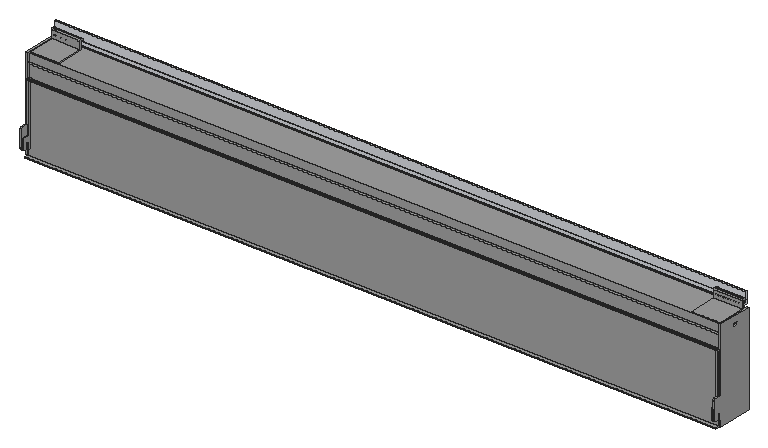
Revit family "Alcon-15233-2-4-Revit-Family", category Lighting Fixtures, host Ceiling, Revit 2021
Family settings
  Host = Ceiling
  Round Connector Dimension = Use Diameter
  Part Type = Normal
  Always vertical = Yes
  Cut with Voids When Loaded = No
  Light Source = Yes
  Shared = No
  Room Calculation Point = No
Parameters (values of type "15233-2 - 4FT")
  Wattage = 9.2903 W
  built-in parameter 1150110 = 1 (stored number, unit not read)
  built-in parameter 1114217 = 1 (stored number, unit not read)
  built-in parameter 1150109 = 1 (stored number, unit not read)
  built-in parameter 1150134 = 3
  built-in parameter 1150113 = 1 (stored number, unit not read)
  Reflector = Reflector
  Product Identity = "Alcon Lighting 15233-2-4"
  Manufacturer = "Alcon Light"
  built-in parameter 1150105 = 439.27 (stored number, unit not read)
  Lumens = 1380 lm
  built-in parameter 1150115 = 1 (stored number, unit not read)
  Link To Product Page = "https://www.alconlighting.com/15233-4-perimeter-led-cove-light-fixture.html"
  Light Source Symbol Size = 2' - 0"
  built-in parameter 1150137 = (empty or 0)
  built-in parameter 1150139 = (empty or 0)
  Length = 4' - 0"
  Led Source = Led Source
  built-in parameter 1150112 = 1 (stored number, unit not read)
  built-in parameter 1150114 = 1 (stored number, unit not read)
  built-in parameter 1150132 = (empty or 0)
  built-in parameter 1150102 = (empty or 0)
  built-in parameter 1150107 = 3200 (stored number, unit not read)
  built-in parameter 1150138 = (empty or 0)
  built-in parameter 1150106 = 4.3927 (stored number, unit not read)
  Housing = Default
  Lens = Lens
  Emit from Line Length = 4' - 0"
  built-in parameter 1150104 = 13.8 (stored number, unit not read)
  Dimming Lamp Color Temperature Shift = <None>
  Default Elevation = 0' - 0"
  Color Filter = 16777215
  built-in parameter 1114218 = 1 (stored number, unit not read)
  built-in parameter 1150133 = 10 (stored number, unit not read)
Types (4): name | Product Identity | Link To Product Page | Length | Emit from Line Length
  15233-2 - 8FT | "Alcon Lighting 15233-2" | "https://www.alconlighting.com/15233-2-perimeter-led-cove-light-fixture.html" | 8' - 0" | 8' - 0"
  15233-2 - 4FT | "Alcon Lighting 15233-2-4" | "https://www.alconlighting.com/15233-4-perimeter-led-cove-light-fixture.html" | 4' - 0" | 4' - 0"
  15233-2 - 3FT | "Alcon Lighting 15233-2" | "https://www.alconlighting.com/15233-2-perimeter-led-cove-light-fixture.html" | 3' - 0" | 3' - 0"
  15233-2 - 2FT | "Alcon Lighting 15233-2" | "https://www.alconlighting.com/15233-2-perimeter-led-cove-light-fixture.html" | 2' - 0" | 2' - 0"
Reference planes (in)
  plane 1 "Center (Front/Back)": y = 0
  plane 2: z = 0
  plane 3 "Center (Left/Right)": x = 0
  plane 4 "Ceiling": z = 157.48031
Forms (in)
  Extrusion 1, solid, material "Default" <- "Housing"
    sketch origin (0, 0, 322.42063) x (0, -1, 0) y (0, 0, -1)
      loop
        line (-1.10507, 160.94031) -> (-1.17, 160.94031) -> (-1.17, 160.25987)
        arc (-1.17, 160.25987) -> (-1.1514, 160.22514) -> (-1.17, 160.19041) r 0.04173
        line (-1.17, 160.19041) -> (-1.17, 159.26536)
        arc (-1.17, 159.26536) -> (-1.1514, 159.23063) -> (-1.17, 159.1959) r 0.04173
        line (-1.17, 159.1959) -> (-1.17, 158.63031) -> (1.17, 158.63031) -> (1.17, 159.1959)
        arc (1.17, 159.1959) -> (1.1514, 159.23063) -> (1.17, 159.26536) r 0.04173
        line (1.17, 159.26536) -> (1.17, 160.19041)
        arc (1.17, 160.19041) -> (1.1514, 160.22514) -> (1.17, 160.25987) r 0.04173
        line (1.17, 160.25987) -> (1.17, 160.94031) -> (1.10507, 160.94031) -> (1.10507, 160.59384) -> (0.94451, 160.59384) -> (0.94451, 160.39651) -> (1.01249, 160.39651) -> (1.01249, 160.49344) -> (1.10507, 160.49344) -> (1.10507, 160.30581) -> (0.94451, 160.30581) -> (0.94451, 160.15243) -> (1.10507, 160.15243) -> (1.10507, 159.86853) -> (0.98124, 159.86853) -> (0.98124, 159.95891) -> (0.89763, 159.95891) -> (0.89763, 159.56434) -> (0.97504, 159.56434) -> (0.97504, 159.78837) -> (1.10507, 159.78837) -> (1.10507, 159.35818) -> (0.94451, 159.35818) -> (0.94451, 159.10332) -> (1.10507, 159.10332) -> (1.10507, 158.69406) -> (-1.10507, 158.69406) -> (-1.10507, 159.10332) -> (-0.94451, 159.10332) -> (-0.94451, 159.35818) -> (-1.10507, 159.35818) -> (-1.10507, 159.78837) -> (-0.97504, 159.78837) -> (-0.97504, 159.56434) -> (-0.89763, 159.56434) -> (-0.89763, 159.95891) -> (-0.98124, 159.95891) -> (-0.98124, 159.86853) -> (-1.10507, 159.86853) -> (-1.10507, 160.15243) -> (-0.94451, 160.15243) -> (-0.94451, 160.30581) -> (-1.10507, 160.30581) -> (-1.10507, 160.49344) -> (-1.01249, 160.49344) -> (-1.01249, 160.39651) -> (-0.94451, 160.39651) -> (-0.94451, 160.59384) -> (-1.10507, 160.59384) -> (-1.10507, 160.94031)
      loop
        line (-1.10507, 160.25987) -> (-1.10507, 160.19041) -> (-0.99687, 160.19041) -> (-0.99687, 160.25987) -> (-1.10507, 160.25987)
      loop
        line (-1.10507, 159.26536) -> (-1.10507, 159.1959) -> (-0.99687, 159.1959) -> (-0.99687, 159.26536) -> (-1.10507, 159.26536)
      loop
        line (1.10507, 160.25987) -> (0.99687, 160.25987) -> (0.99687, 160.19041) -> (1.10507, 160.19041) -> (1.10507, 160.25987)
      loop
        line (1.10507, 159.26536) -> (0.99687, 159.26536) -> (0.99687, 159.1959) -> (1.10507, 159.1959) -> (1.10507, 159.26536)
    from 0 to 48
  Extrusion 2, solid, material "Default" <- "Housing"
    sketch origin (0, 0, 322.49875) x (0, -1, 0) y (0, 0, -1)
      loop
        line (0.43275, 159.91309) -> (-0.43275, 159.91309) -> (-0.38581, 159.96003) -> (-0.40888, 160.01719) -> (-0.4398, 160.0047) -> (-0.42292, 159.96289) -> (-0.46437, 159.92144) -> (-0.86552, 160.91526)
        arc (-0.86552, 160.91526) -> (-0.85997, 160.93651) -> (-0.83803, 160.93734) r 0.01841
        line (-0.83803, 160.93734) -> (-0.80943, 160.91772) -> (-0.80943, 160.97547) -> (-0.88982, 160.97547) -> (-0.90716, 161.01844) -> (-1.10507, 161.01844) -> (-1.10507, 160.89872) -> (-0.94451, 160.66941) -> (-0.94451, 160.03704) -> (-0.55369, 160.03704) -> (-0.48631, 159.87012) -> (0.48631, 159.87012) -> (0.55369, 160.03704) -> (0.94451, 160.03704) -> (0.94451, 160.66941) -> (1.10507, 160.89872) -> (1.10507, 161.01844) -> (0.90716, 161.01844) -> (0.88982, 160.97547) -> (0.80943, 160.97547) -> (0.80943, 160.91772) -> (0.83803, 160.93734)
        arc (0.83803, 160.93734) -> (0.85997, 160.93651) -> (0.86552, 160.91526) r 0.01841
        line (0.86552, 160.91526) -> (0.46437, 159.92144) -> (0.42292, 159.96289) -> (0.4398, 160.0047) -> (0.40888, 160.01719) -> (0.38581, 159.96003) -> (0.43275, 159.91309)
      loop
        line (-0.57103, 160.08001) -> (-0.93247, 160.97547) -> (-1.0621, 160.97547) -> (-1.0621, 160.91226) -> (-0.90154, 160.68295) -> (-0.90154, 160.08001) -> (-0.57103, 160.08001)
      loop
        line (0.57103, 160.08001) -> (0.90154, 160.08001) -> (0.90154, 160.68295) -> (1.0621, 160.91226) -> (1.0621, 160.97547) -> (0.93247, 160.97547) -> (0.57103, 160.08001)
    from 0 to 48
  Extrusion 3, solid, material "Lens" <- "Lens"
    sketch origin (0, 0, 321.99875) x (0, -1, 0) y (0, 0, -1)
      loop
        line (0.84771, 160.38421) -> (0.84771, 160.41825) -> (-0.85144, 160.41825) -> (-0.85144, 160.38421) -> (0.84771, 160.38421)
    from 0 to 48
  Extrusion 4, solid, material "Reflector" <- "Reflector"
    sketch origin (0, 0, 322.49875) x (0, -1, 0) y (0, 0, -1)
      loop
        line (-0.47251, 159.9416) -> (-0.42506, 159.96075) -> (-0.79121, 160.8679) -> (-0.83867, 160.84875) -> (-0.47251, 159.9416)
      loop
        line (0.4736, 159.9443) -> (0.83843, 160.84815) -> (0.79853, 160.86425) -> (0.43371, 159.9604) -> (0.4736, 159.9443)
    from 0 to 48
  Extrusion 5, solid, material "Led Source" <- "Led Source"
    sketch origin (0, 0, 322.49875) x (0, -1, 0) y (0, 0, -1)
      loop
        line (0.2188, 159.91309) -> (0.2188, 159.95517) -> (-0.2188, 159.95517) -> (-0.2188, 159.91309) -> (0.2188, 159.91309)
    from 0 to 48
  Extrusion 6, void
    sketch origin (0, 0, 157.48031) x (0, 1, 0) y (-1, 0, 0)
      loop
        line (-1.17, 0) -> (-1.17, -48) -> (1.17, -48) -> (1.17, 0) -> (-1.17, 0)
    from -0.06276 to 7.33407
  Extrusion 7, solid
    sketch origin (0, 0, 4) x (0, 1, 0) y (0, 0, 1)
      loop
        line (1.17, 160.81439) -> (1.1166, 160.81439) -> (1.1166, 160.08507) -> (0.96243, 160.08507) -> (0.96243, 160.33507) -> (0.89545, 160.33507) -> (0.89545, 160.08229)
        arc (0.89545, 160.08229) -> (0.91135, 160.04391) -> (0.94972, 160.02802) r 0.05427
        line (0.94972, 160.02802) -> (1.12549, 160.02802)
        arc (1.12549, 160.02802) -> (1.15696, 160.04106) -> (1.17, 160.07253) r 0.04451
        line (1.17, 160.07253) -> (1.17, 160.81439)
    from 0 to 48
  Extrusion 8, solid, material "Default" <- "Housing"
    sketch origin (0, 0, 4) x (0, 1, 0) y (0, 0, 1)
      loop
        line (1.07327, 160.08507) -> (1.07327, 160.37206)
        arc (1.07327, 160.37206) -> (1.04865, 160.4315) -> (0.9892, 160.45612) r 0.08407
        line (0.9892, 160.45612) -> (0.91692, 160.45612)
        arc (0.91692, 160.45612) -> (0.8507, 160.42869) -> (0.82327, 160.36247) r 0.09365
        line (0.82327, 160.36247) -> (0.82327, 159.84307) -> (-1.07222, 159.84307) -> (-1.07222, 159.79031) -> (0.87747, 159.79031) -> (0.87747, 160.34758)
        arc (0.87747, 160.34758) -> (0.89095, 160.38012) -> (0.92349, 160.3936) r 0.04602
        line (0.92349, 160.3936) -> (0.97147, 160.3936)
        arc (0.97147, 160.3936) -> (1.003, 160.38055) -> (1.01606, 160.34902) r 0.04459
        line (1.01606, 160.34902) -> (1.01606, 160.08507) -> (1.07327, 160.08507)
    from 0 to 2
  Extrusion 9, solid, material "Default" <- "Housing"
    sketch origin (0, 0, 4) x (0, 1, 0) y (0, 0, 1)
      loop
        line (1.07327, 160.08507) -> (1.07327, 160.37206)
        arc (1.07327, 160.37206) -> (1.04865, 160.4315) -> (0.9892, 160.45612) r 0.08407
        line (0.9892, 160.45612) -> (0.91692, 160.45612)
        arc (0.91692, 160.45612) -> (0.8507, 160.42869) -> (0.82327, 160.36247) r 0.09365
        line (0.82327, 160.36247) -> (0.82327, 159.84307) -> (-1.07222, 159.84307) -> (-1.07222, 159.79031) -> (0.87747, 159.79031) -> (0.87747, 160.34758)
        arc (0.87747, 160.34758) -> (0.89095, 160.38012) -> (0.92349, 160.3936) r 0.04602
        line (0.92349, 160.3936) -> (0.97147, 160.3936)
        arc (0.97147, 160.3936) -> (1.003, 160.38055) -> (1.01606, 160.34902) r 0.04459
        line (1.01606, 160.34902) -> (1.01606, 160.08507) -> (1.07327, 160.08507)
    from 46 to 48
  Extrusion 10, solid, material "Default" <- "Housing"
    sketch origin (0, 0, 4) x (0, 1, 0) y (0, 0, 1)
      loop
        line (-1.17, 158.25919) -> (-1.34217, 158.25919) -> (-1.34217, 158.20784) -> (-1.20239, 158.20784) -> (-1.20239, 153.48031) -> (-1.45239, 153.48031) -> (-1.45239, 153.42755) -> (-1.17, 153.42755) -> (-1.17, 158.25919)
    from 0 to 48
  Extrusion 11, solid, material "Default" <- "Housing"
    sketch origin (0, 0, 1.50391) x (0, 1, 0) y (0, 0, 1)
      loop
        line (-1.20239, 155.9764) -> (1.17, 155.9764) -> (1.17, 162.34728) -> (-1.20239, 162.34728) -> (-1.20239, 157.8825) -> (-1.63309, 157.8825)
        arc (-1.63309, 157.8825) -> (-1.69446, 157.85708) -> (-1.71988, 157.79571) r 0.08679
        line (-1.71988, 157.79571) -> (-1.71988, 156.58599)
        arc (-1.71988, 156.58599) -> (-1.6973, 156.53147) -> (-1.64279, 156.50889) r 0.0771
        line (-1.64279, 156.50889) -> (-1.5854, 156.50889)
        arc (-1.5854, 156.50889) -> (-1.53557, 156.52953) -> (-1.51493, 156.57935) r 0.07046
        line (-1.51493, 156.57935) -> (-1.51493, 156.89687) -> (-1.28446, 156.89687) -> (-1.28446, 156.47577)
        arc (-1.28446, 156.47577) -> (-1.27244, 156.44674) -> (-1.24341, 156.43472) r 0.04105
        line (-1.24341, 156.43472) -> (-1.20239, 156.43472) -> (-1.20239, 155.9764)
      loop
        circle (-1.51997, 157.57418) r 0.05557
      loop
        circle (0, 161.80592) r 0.16861
    from -0.125 to 0
  Extrusion 12, solid, material "Default" <- "Housing"
    sketch origin (0, 0, 1.50391) x (0, 1, 0) y (0, 0, 1)
      loop
        line (-1.20239, 155.9764) -> (1.17, 155.9764) -> (1.17, 162.34728) -> (-1.20239, 162.34728) -> (-1.20239, 157.8825) -> (-1.63309, 157.8825)
        arc (-1.63309, 157.8825) -> (-1.69446, 157.85708) -> (-1.71988, 157.79571) r 0.08679
        line (-1.71988, 157.79571) -> (-1.71988, 156.58599)
        arc (-1.71988, 156.58599) -> (-1.6973, 156.53147) -> (-1.64279, 156.50889) r 0.0771
        line (-1.64279, 156.50889) -> (-1.5854, 156.50889)
        arc (-1.5854, 156.50889) -> (-1.53557, 156.52953) -> (-1.51493, 156.57935) r 0.07046
        line (-1.51493, 156.57935) -> (-1.51493, 156.89687) -> (-1.28446, 156.89687) -> (-1.28446, 156.47577)
        arc (-1.28446, 156.47577) -> (-1.27244, 156.44674) -> (-1.24341, 156.43472) r 0.04105
        line (-1.24341, 156.43472) -> (-1.20239, 156.43472) -> (-1.20239, 155.9764)
      loop
        circle (0, 161.80592) r 0.16861
      loop
        circle (-1.51997, 157.57418) r 0.05557
    from 48 to 48.125
  Extrusion 13, solid, material "Default" <- "Housing"
    sketch origin (0, 0, 1.50391) x (0, 1, 0) y (0, 0, 1)
      loop
        line (-1.20239, 156.43472) -> (-1.20239, 160.70393) -> (-1.33203, 160.70393) -> (-1.33203, 157.2761) -> (-1.63672, 157.2761)
        arc (-1.63672, 157.2761) -> (-1.69552, 157.25175) -> (-1.71988, 157.19294) r 0.08317
        line (-1.71988, 157.19294) -> (-1.71988, 156.58599)
        arc (-1.71988, 156.58599) -> (-1.6973, 156.53147) -> (-1.64279, 156.50889) r 0.0771
        line (-1.64279, 156.50889) -> (-1.5854, 156.50889)
        arc (-1.5854, 156.50889) -> (-1.53557, 156.52953) -> (-1.51493, 156.57935) r 0.07046
        line (-1.51493, 156.57935) -> (-1.51493, 156.89687) -> (-1.28446, 156.89687) -> (-1.28446, 156.47577)
        arc (-1.28446, 156.47577) -> (-1.27244, 156.44674) -> (-1.24341, 156.43472) r 0.04105
        line (-1.24341, 156.43472) -> (-1.20239, 156.43472)
      loop
        circle (-1.52283, 157.15054) r 0.04501
    from 0 to 0.125
  Extrusion 14, solid, material "Default" <- "Housing"
    sketch origin (0, 0, 1.50391) x (0, 1, 0) y (0, 0, 1)
      loop
        line (-1.20239, 156.43472) -> (-1.20239, 160.70393) -> (-1.33203, 160.70393) -> (-1.33203, 157.2761) -> (-1.63672, 157.2761)
        arc (-1.63672, 157.2761) -> (-1.69552, 157.25175) -> (-1.71988, 157.19294) r 0.08317
        line (-1.71988, 157.19294) -> (-1.71988, 156.58599)
        arc (-1.71988, 156.58599) -> (-1.6973, 156.53147) -> (-1.64279, 156.50889) r 0.0771
        line (-1.64279, 156.50889) -> (-1.5854, 156.50889)
        arc (-1.5854, 156.50889) -> (-1.53557, 156.52953) -> (-1.51493, 156.57935) r 0.07046
        line (-1.51493, 156.57935) -> (-1.51493, 156.89687) -> (-1.28446, 156.89687) -> (-1.28446, 156.47577)
        arc (-1.28446, 156.47577) -> (-1.27244, 156.44674) -> (-1.24341, 156.43472) r 0.04105
        line (-1.24341, 156.43472) -> (-1.20239, 156.43472)
      loop
        circle (-1.52283, 157.15054) r 0.04501
    from 47.875 to 48
Dimensions and locks (in)
  equal spacing: host sketch curve, plane 3 "Center (Left/Right)", host sketch curve
  equal spacing: host sketch curve, plane 1 "Center (Front/Back)", host sketch curve
  host sketch curve to host sketch curve = 13' - 1.48031"  (x2)
  plane 4 "Ceiling" to host ceiling = 0' - 0"
  "Length": plane 3 "Center (Left/Right)" to Extrusion 5
  "Length": plane 3 "Center (Left/Right)" to Extrusion 6
  "Length": plane 3 "Center (Left/Right)" to Extrusion 3
  "Length": plane 3 "Center (Left/Right)" to Extrusion 2
  "Length": plane 3 "Center (Left/Right)" to Extrusion 1
  "Length": plane 3 "Center (Left/Right)" to Extrusion 4
  locked: Extrusion 9 to Extrusion 6 at 2
  locked: Extrusion 14 to Extrusion 12 at 0.125
  locked: Extrusion 6 to Extrusion 12 at 0.125
  aligned and locked: Extrusion 6 to Extrusion 7
  aligned and locked: Extrusion 1 to Extrusion 9
  aligned and locked: Extrusion 10 to Extrusion 1
  aligned and locked: Extrusion 12 to Extrusion 1
  aligned and locked: Extrusion 1 to Extrusion 14
Automatic sketch dimensions
  Extrusion 1 sketch curve to plane 4 "Ceiling" = 0' - 4"  (x2)
  Extrusion 1 sketch curve to plane 1 "Center (Front/Back)" = 0' - 1.19313"
  Extrusion 1 sketch curve to Extrusion 1 sketch curve = 0' - 0"  (x13)
  Extrusion 1 sketch curve to Extrusion 1 sketch curve = 0' - 0.02313"  (x5)
  Extrusion 1 sketch curve to Extrusion 1 sketch curve = 0' - 0.06493"  (x8)
  Extrusion 1 sketch curve to Extrusion 1 sketch curve = 0' - 0.09258"  (x3)
  Extrusion 1 sketch curve to Extrusion 1 sketch curve = 0' - 0.10821"  (x5)
  Extrusion 1 sketch curve to Extrusion 1 sketch curve = 0' - 0.12383"
  Extrusion 1 sketch curve to Extrusion 1 sketch curve = 0' - 0.13003"
  Extrusion 1 sketch curve to Extrusion 1 sketch curve = 0' - 0.06799"  (x2)
  Extrusion 1 sketch curve to Extrusion 1 sketch curve = 0' - 0.05236"  (x4)
  Extrusion 1 sketch curve to Extrusion 1 sketch curve = 0' - 0.08361"
  plane 1 "Center (Front/Back)" to Extrusion 1 sketch curve = 0' - 0.89763"
  Extrusion 1 sketch curve to Extrusion 1 sketch curve = 0' - 0 3/64"  (x2)
  Extrusion 1 sketch curve to Extrusion 1 sketch curve = 0' - 0.07741"
  Extrusion 1 sketch curve to Extrusion 1 sketch curve = 0' - 0.0062"
  Extrusion 1 sketch curve to Extrusion 1 sketch curve = 0' - 0.16057"
  Extrusion 1 sketch curve to plane 4 "Ceiling" = 0' - 4.34648"  (x2)
  Extrusion 1 sketch curve to Extrusion 1 sketch curve = 0' - 0.1004"  (x2)
  Extrusion 1 sketch curve to Extrusion 1 sketch curve = 0' - 0.09693"  (x2)
  Extrusion 1 sketch curve to Extrusion 1 sketch curve = 0' - 0.0907"  (x2)
  Extrusion 1 sketch curve to Extrusion 1 sketch curve = 0' - 0.04594"  (x2)
  Extrusion 1 sketch curve to Extrusion 1 sketch curve = 0' - 0.03473"  (x4)
  Extrusion 1 sketch curve to Extrusion 1 sketch curve = 0' - 0.06946"  (x2)
  Extrusion 1 sketch curve to Extrusion 1 sketch curve = 0' - 0.03798"  (x2)
  Extrusion 1 sketch curve to Extrusion 1 sketch curve = 0' - 0.19351"  (x2)
  Extrusion 1 sketch curve to Extrusion 1 sketch curve = 0' - 0.09038"  (x2)
  Extrusion 1 sketch curve to Extrusion 1 sketch curve = 0' - 0.08016"  (x2)
  Extrusion 1 sketch curve to Extrusion 1 sketch curve = 0' - 0.22403"  (x2)
  Extrusion 1 sketch curve to Extrusion 1 sketch curve = 0' - 0.20617"  (x2)
  Extrusion 1 sketch curve to Extrusion 1 sketch curve = 0' - 0.09282"  (x2)
  Extrusion 1 sketch curve to Extrusion 1 sketch curve = 0' - 0.40926"
  Extrusion 1 sketch curve to Extrusion 1 sketch curve = 0' - 0.06375"
  Extrusion 3 sketch curve to plane 1 "Center (Front/Back)" = 0' - 0.85144"
  plane 1 "Center (Front/Back)" to Extrusion 3 sketch curve = 0' - 0.84771"
  Extrusion 3 sketch curve to plane 4 "Ceiling" = 0' - 4.13423"
  Extrusion 3 sketch curve to Extrusion 3 sketch curve = 0' - 0.03404"
  Extrusion 5 sketch curve to plane 1 "Center (Front/Back)" = 0' - 0.2188"
  Extrusion 5 sketch curve to Extrusion 5 sketch curve = 0' - 0.4376"
  Extrusion 5 sketch curve to plane 4 "Ceiling" = 0' - 5.10535"
  Extrusion 5 sketch curve to Extrusion 5 sketch curve = 0' - 0.04208"
  Extrusion 6 sketch curve to plane 3 "Center (Left/Right)" = 0' - 0"
  plane 1 "Center (Front/Back)" to Extrusion 6 sketch curve = 0' - 1.17"
  Extrusion 6 sketch curve to plane 1 "Center (Front/Back)" = 0' - 1.17"
  plane 3 "Center (Left/Right)" to Extrusion 6 sketch curve = 4' - 0"
  plane 1 "Center (Front/Back)" to Extrusion 7 sketch curve = 0' - 0.89545"
  Extrusion 7 sketch curve to Extrusion 7 sketch curve = 0' - 0.05427"
  Extrusion 7 sketch curve to Extrusion 7 sketch curve = 0' - 0.06698"
  Extrusion 7 sketch curve to Extrusion 7 sketch curve = 0' - 0.15417"
  Extrusion 7 sketch curve to Extrusion 7 sketch curve = 0' - 0.00889"
  Extrusion 7 sketch curve to Extrusion 7 sketch curve = 0' - 0.0534"
  Extrusion 7 sketch curve to plane 4 "Ceiling" = 0' - 6.5477"
  Extrusion 7 sketch curve to Extrusion 7 sketch curve = 0' - 0.01254"
  Extrusion 7 sketch curve to Extrusion 7 sketch curve = 0' - 0 1/4"
  Extrusion 7 sketch curve to Extrusion 7 sketch curve = 0' - 0.47931"
  Extrusion 8 sketch curve to plane 1 "Center (Front/Back)" = 0' - 1.07222"
  Extrusion 8 sketch curve to Extrusion 8 sketch curve = 0' - 1.89549"
  Extrusion 8 sketch curve to Extrusion 8 sketch curve = 0' - 0.0542"
  Extrusion 8 sketch curve to Extrusion 8 sketch curve = 0' - 0.03945"
  Extrusion 8 sketch curve to Extrusion 8 sketch curve = 0' - 0.00657"
  Extrusion 8 sketch curve to Extrusion 8 sketch curve = 0' - 0.04798"
  Extrusion 8 sketch curve to Extrusion 8 sketch curve = 0' - 0.01773"
  Extrusion 8 sketch curve to Extrusion 8 sketch curve = 0' - 0.04459"
  Extrusion 8 sketch curve to Extrusion 8 sketch curve = 0' - 0.05721"
  Extrusion 8 sketch curve to plane 4 "Ceiling" = 0' - 6.31"
  Extrusion 8 sketch curve to Extrusion 8 sketch curve = 0' - 0.05275"
  Extrusion 8 sketch curve to Extrusion 8 sketch curve = 0' - 0.24201"
  Extrusion 8 sketch curve to Extrusion 8 sketch curve = 0' - 0.26251"
  Extrusion 8 sketch curve to Extrusion 8 sketch curve = 0' - 0.01489"
  Extrusion 9 sketch curve to plane 1 "Center (Front/Back)" = 0' - 1.07222"
  Extrusion 9 sketch curve to Extrusion 9 sketch curve = 0' - 1.89549"
  Extrusion 9 sketch curve to Extrusion 9 sketch curve = 0' - 0.0542"
  Extrusion 9 sketch curve to Extrusion 9 sketch curve = 0' - 0.03945"
  Extrusion 9 sketch curve to Extrusion 9 sketch curve = 0' - 0.00657"
  Extrusion 9 sketch curve to Extrusion 9 sketch curve = 0' - 0.04798"
  Extrusion 9 sketch curve to Extrusion 9 sketch curve = 0' - 0.01773"
  Extrusion 9 sketch curve to Extrusion 9 sketch curve = 0' - 0.04459"
  Extrusion 9 sketch curve to Extrusion 9 sketch curve = 0' - 0.05721"
  Extrusion 9 sketch curve to plane 4 "Ceiling" = 0' - 6.31"
  Extrusion 9 sketch curve to Extrusion 9 sketch curve = 0' - 0.05275"
  Extrusion 9 sketch curve to Extrusion 9 sketch curve = 0' - 0.24201"
  Extrusion 9 sketch curve to Extrusion 9 sketch curve = 0' - 0.26251"
  Extrusion 9 sketch curve to Extrusion 9 sketch curve = 0' - 0.01489"
  Extrusion 2 sketch curve to plane 1 "Center (Front/Back)" = 0' - 1.10507"
  Extrusion 2 sketch curve to Extrusion 2 sketch curve = 0' - 0 11/256"  (x9)
  Extrusion 2 sketch curve to Extrusion 2 sketch curve = 0' - 0.1176"
  Extrusion 2 sketch curve to Extrusion 2 sketch curve = 0' - 0.12963"  (x2)
  Extrusion 2 sketch curve to Extrusion 2 sketch curve = 0' - 0.02531"
  Extrusion 2 sketch curve to Extrusion 2 sketch curve = 0' - 0.04265"  (x2)
  Extrusion 2 sketch curve to Extrusion 2 sketch curve = 0' - 0.0243"
  Extrusion 2 sketch curve to Extrusion 2 sketch curve = 0' - 0.01707"  (x2)
  Extrusion 2 sketch curve to Extrusion 2 sketch curve = 0' - 0.01041"  (x2)
  Extrusion 2 sketch curve to Extrusion 2 sketch curve = 0' - 0.0286"  (x2)
  Extrusion 2 sketch curve to Extrusion 2 sketch curve = 0' - 0.33051"  (x2)
  Extrusion 2 sketch curve to Extrusion 2 sketch curve = 0' - 0.01734"  (x3)
  Extrusion 2 sketch curve to Extrusion 2 sketch curve = 0' - 0.06737"
  Extrusion 2 sketch curve to Extrusion 2 sketch curve = 0' - 0.02194"  (x2)
  Extrusion 2 sketch curve to Extrusion 2 sketch curve = 0' - 0.02457"
  Extrusion 2 sketch curve to Extrusion 2 sketch curve = 0' - 0.03162"  (x2)
  Extrusion 2 sketch curve to Extrusion 2 sketch curve = 0' - 0.01688"
  Extrusion 2 sketch curve to Extrusion 2 sketch curve = 0' - 0.03092"  (x2)
  Extrusion 2 sketch curve to Extrusion 2 sketch curve = 0' - 0.03711"  (x2)
  Extrusion 2 sketch curve to Extrusion 2 sketch curve = 0' - 0.77162"
  Extrusion 2 sketch curve to Extrusion 2 sketch curve = 0' - 0.02307"
  Extrusion 2 sketch curve to Extrusion 2 sketch curve = 0' - 0.04145"
  Extrusion 2 sketch curve to Extrusion 2 sketch curve = 0' - 0.11389"
  Extrusion 2 sketch curve to Extrusion 2 sketch curve = 0' - 0.2384"
  Extrusion 2 sketch curve to Extrusion 2 sketch curve = 0' - 0.05179"
  Extrusion 2 sketch curve to plane 4 "Ceiling" = 0' - 5.14832"
  Extrusion 2 sketch curve to Extrusion 2 sketch curve = 0' - 0.00835"  (x2)
  Extrusion 2 sketch curve to Extrusion 2 sketch curve = 0' - 0.04694"
  Extrusion 2 sketch curve to Extrusion 2 sketch curve = 0' - 0.0386"
  Extrusion 2 sketch curve to Extrusion 2 sketch curve = 0' - 0.00285"  (x2)
  Extrusion 2 sketch curve to Extrusion 2 sketch curve = 0' - 0.16692"
  Extrusion 2 sketch curve to Extrusion 2 sketch curve = 0' - 0.03233"
  Extrusion 2 sketch curve to Extrusion 2 sketch curve = 0' - 0.5894"  (x2)
  Extrusion 2 sketch curve to Extrusion 2 sketch curve = 0' - 0.01355"  (x4)
  Extrusion 2 sketch curve to Extrusion 2 sketch curve = 0' - 0.22931"  (x2)
  Extrusion 2 sketch curve to Extrusion 2 sketch curve = 0' - 0.003"  (x2)
  Extrusion 2 sketch curve to Extrusion 2 sketch curve = 0' - 0.00246"  (x2)
  Extrusion 2 sketch curve to Extrusion 2 sketch curve = 0' - 0.00689"  (x2)
  Extrusion 2 sketch curve to Extrusion 2 sketch curve = 0' - 0.06021"
  Extrusion 2 sketch curve to Extrusion 2 sketch curve = 0' - 0.03814"
  Extrusion 2 sketch curve to Extrusion 2 sketch curve = 0' - 0.06321"
  Extrusion 2 sketch curve to Extrusion 2 sketch curve = 0' - 0"
  Extrusion 4 sketch curve to plane 1 "Center (Front/Back)" = 0' - 0.83867"
  Extrusion 4 sketch curve to Extrusion 4 sketch curve = 0' - 0.04745"
  Extrusion 4 sketch curve to Extrusion 4 sketch curve = 0' - 0.36616"
  Extrusion 4 sketch curve to Extrusion 4 sketch curve = 0' - 1.22359"
  Extrusion 4 sketch curve to Extrusion 4 sketch curve = 0' - 0.03989"
  Extrusion 4 sketch curve to Extrusion 4 sketch curve = 0' - 0.01915"
  Extrusion 4 sketch curve to Extrusion 4 sketch curve = 0' - 0.8874"
  Extrusion 4 sketch curve to Extrusion 4 sketch curve = 0' - 0.0161"
  Extrusion 4 sketch curve to Extrusion 4 sketch curve = 0' - 0.85876"
  Extrusion 4 sketch curve to plane 4 "Ceiling" = 0' - 5.05804"
  Extrusion 13 sketch curve to plane 1 "Center (Front/Back)" = 0' - 1.71988"
  Extrusion 13 sketch curve to Extrusion 13 sketch curve = 0' - 0.0771"
  Extrusion 13 sketch curve to Extrusion 13 sketch curve = 0' - 0.08317"
  Extrusion 13 sketch curve to Extrusion 13 sketch curve = 0' - 0.05739"
  Extrusion 13 sketch curve to Extrusion 13 sketch curve = 0' - 0.11389"
  Extrusion 13 sketch curve to Extrusion 13 sketch curve = 0' - 0.00789"
  Extrusion 13 sketch curve to Extrusion 13 sketch curve = 0' - 0 39/128"
  Extrusion 13 sketch curve to Extrusion 13 sketch curve = 0' - 0 59/256"
  Extrusion 13 sketch curve to Extrusion 13 sketch curve = 0' - 0.04105"
  Extrusion 13 sketch curve to Extrusion 13 sketch curve = 0' - 0.12965"
  Extrusion 13 sketch curve to plane 4 "Ceiling" = 0' - 0.45832"
  Extrusion 13 sketch curve to Extrusion 13 sketch curve = 0' - 0.03312"
  Extrusion 13 sketch curve to Extrusion 13 sketch curve = 0' - 0.31751"
  Extrusion 13 sketch curve to Extrusion 13 sketch curve = 0' - 0.25367"
  Extrusion 13 sketch curve to Extrusion 13 sketch curve = 0' - 0.0424"
  Extrusion 13 sketch curve to Extrusion 13 sketch curve = 0' - 3.42783"
  Extrusion 14 sketch curve to plane 1 "Center (Front/Back)" = 0' - 1.71988"
  Extrusion 14 sketch curve to Extrusion 14 sketch curve = 0' - 0.0771"
  Extrusion 14 sketch curve to Extrusion 14 sketch curve = 0' - 0.08317"
  Extrusion 14 sketch curve to Extrusion 14 sketch curve = 0' - 0.05739"
  Extrusion 14 sketch curve to Extrusion 14 sketch curve = 0' - 0.11389"
  Extrusion 14 sketch curve to Extrusion 14 sketch curve = 0' - 0.00789"
  Extrusion 14 sketch curve to Extrusion 14 sketch curve = 0' - 0 39/128"
  Extrusion 14 sketch curve to Extrusion 14 sketch curve = 0' - 0 59/256"
  Extrusion 14 sketch curve to Extrusion 14 sketch curve = 0' - 0.04105"
  Extrusion 14 sketch curve to Extrusion 14 sketch curve = 0' - 0.12965"
  Extrusion 14 sketch curve to plane 4 "Ceiling" = 0' - 0.45832"
  Extrusion 14 sketch curve to Extrusion 14 sketch curve = 0' - 0.03312"
  Extrusion 14 sketch curve to Extrusion 14 sketch curve = 0' - 0.31751"
  Extrusion 14 sketch curve to Extrusion 14 sketch curve = 0' - 0.25367"
  Extrusion 14 sketch curve to Extrusion 14 sketch curve = 0' - 0.0424"
  Extrusion 14 sketch curve to Extrusion 14 sketch curve = 0' - 3.42783"
  plane 4 "Ceiling" to Extrusion 10 sketch curve = 0' - 0.05276"
  Extrusion 10 sketch curve to plane 1 "Center (Front/Back)" = 0' - 1.45239"
  Extrusion 10 sketch curve to Extrusion 10 sketch curve = 0' - 0.11021"
  Extrusion 10 sketch curve to Extrusion 10 sketch curve = 0' - 0 1/4"
  Extrusion 10 sketch curve to Extrusion 10 sketch curve = 0' - 0.03239"
  Extrusion 10 sketch curve to Extrusion 10 sketch curve = 0' - 0.05276"
  Extrusion 10 sketch curve to Extrusion 10 sketch curve = 0' - 4.72753"
  Extrusion 10 sketch curve to Extrusion 10 sketch curve = 0' - 0.05135"
  Extrusion 11 sketch curve to plane 4 "Ceiling" = 0' - 0.60959"
  Extrusion 11 sketch curve to plane 1 "Center (Front/Back)" = 0' - 1.71988"
  Extrusion 11 sketch curve to Extrusion 11 sketch curve = 0' - 0.0771"
  Extrusion 11 sketch curve to Extrusion 11 sketch curve = 0' - 0.08679"
  Extrusion 11 sketch curve to Extrusion 11 sketch curve = 0' - 0.05739"
  Extrusion 11 sketch curve to Extrusion 11 sketch curve = 0' - 0.11312"
  Extrusion 11 sketch curve to Extrusion 11 sketch curve = 0' - 0.07046"
  Extrusion 11 sketch curve to Extrusion 11 sketch curve = 0' - 0 59/256"
  Extrusion 11 sketch curve to Extrusion 11 sketch curve = 0' - 0.04105"
  Extrusion 11 sketch curve to Extrusion 11 sketch curve = 0' - 0.04102"
  Extrusion 11 sketch curve to Extrusion 11 sketch curve = 0' - 0.43071"
  Extrusion 11 sketch curve to Extrusion 11 sketch curve = 0' - 1.20239"
  Extrusion 11 sketch curve to Extrusion 11 sketch curve = 0' - 1.17"
  Extrusion 11 sketch curve to Extrusion 11 sketch curve = 0' - 0.10358"
  Extrusion 11 sketch curve to plane 4 "Ceiling" = 0' - 0"
  Extrusion 11 sketch curve to Extrusion 11 sketch curve = 0' - 0.31751"
  Extrusion 11 sketch curve to Extrusion 11 sketch curve = 0' - 0.67731"
  Extrusion 11 sketch curve to Extrusion 11 sketch curve = 0' - 0.22153"
  Extrusion 11 sketch curve to Extrusion 11 sketch curve = 0' - 3.92341"
  Extrusion 11 sketch curve to Extrusion 11 sketch curve = 0' - 0.54137"
  Extrusion 12 sketch curve to Extrusion 12 sketch curve = 0' - 0"  (x4)
  Extrusion 12 sketch curve to plane 1 "Center (Front/Back)" = 0' - 1.71988"
  Extrusion 12 sketch curve to Extrusion 12 sketch curve = 0' - 0.0771"
  Extrusion 12 sketch curve to Extrusion 12 sketch curve = 0' - 0.08679"
  Extrusion 12 sketch curve to Extrusion 12 sketch curve = 0' - 0.05739"
  Extrusion 12 sketch curve to Extrusion 12 sketch curve = 0' - 0.11312"
  Extrusion 12 sketch curve to Extrusion 12 sketch curve = 0' - 0.07046"
  Extrusion 12 sketch curve to Extrusion 12 sketch curve = 0' - 0 59/256"
  Extrusion 12 sketch curve to Extrusion 12 sketch curve = 0' - 0.04105"
  Extrusion 12 sketch curve to Extrusion 12 sketch curve = 0' - 0.04102"
  Extrusion 12 sketch curve to Extrusion 12 sketch curve = 0' - 0.43071"
  Extrusion 12 sketch curve to Extrusion 12 sketch curve = 0' - 1.20239"
  Extrusion 12 sketch curve to plane 4 "Ceiling" = 0' - 0"
  plane 1 "Center (Front/Back)" to Extrusion 12 sketch curve = 0' - 1.17"
  Extrusion 12 sketch curve to Extrusion 12 sketch curve = 0' - 0.45832"
  Extrusion 12 sketch curve to Extrusion 12 sketch curve = 0' - 0.03312"
  Extrusion 12 sketch curve to Extrusion 12 sketch curve = 0' - 0.31751"
  Extrusion 12 sketch curve to Extrusion 12 sketch curve = 0' - 0.67731"
  Extrusion 12 sketch curve to Extrusion 12 sketch curve = 0' - 0.22153"
  Extrusion 12 sketch curve to Extrusion 12 sketch curve = 0' - 3.92341"
  Extrusion 12 sketch curve to Extrusion 12 sketch curve = 0' - 0.54137"
  Extrusion 12 sketch curve to Extrusion 12 sketch curve = 0' - 0.05557"
  Extrusion 12 sketch curve to Extrusion 12 sketch curve = 0' - 0.16861"
  radius of Extrusion 13 sketch curve = 0' - 0.04501"
  radius of Extrusion 14 sketch curve = 0' - 0.04501"
  radius of Extrusion 11 sketch curve = 0' - 0.05557"
  radius of Extrusion 11 sketch curve = 0' - 0.16861"
